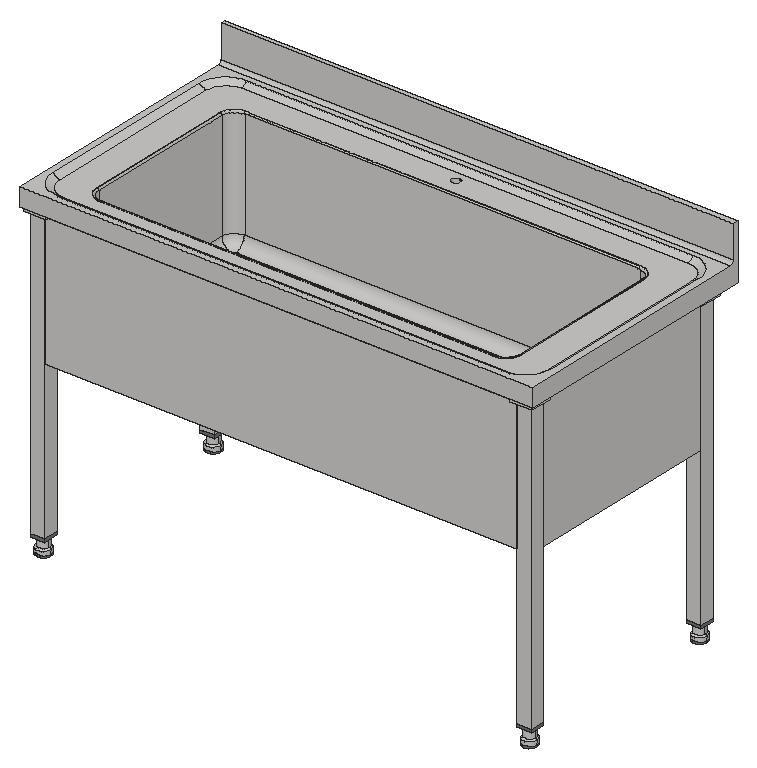
Revit family "QF_ELECTROLUXPROFESSIONAL_132815_VLP1401SPN", category Attrezzature speciali, Revit 2020
Family settings
  Quota connettore circolare = Usa diametro
  Tipo di parte = Normale
  Basato su piano di lavoro = No
  Sempre verticale = Sì
  Taglio con vuoti quando caricato = No
  Condiviso = No
  Punto di calcolo locali = No
Parameters (values of type "Standard")
  Weight = 60.00 kg
  Watts = 0 W
  Volts = 0 V
  URL Manufacturer = "https://www.electroluxprofessional.com/"
  URL = "https://www.electroluxprofessional.com/"
  Steam Supply Size = 0 mm
  Steam Supply Minimum Pressure = 0.0 Pa
  Steam Supply Maximum Pressure = 0.0 Pa
  Steam Consumption per Hour = 0
  Refrigeration Suction Line Size = 0.0 mm
  Refrigeration Liquid Line Size = 0.0 mm
  Refrigerant Compressor Remote = yes
  Prospetto di default = 0.0 mm
  Phase = 0
  Modello = "VLP1401SPN"
  Produttore = "Electrolux Professional"
  Length Actual = 1400.0 mm  # constant formula
  Item Number = "132815"
  Hot Water Size = 0 mm
  Height Actual = 1000.0 mm  # constant formula
  HP = "0 HP"
  Gas Size = 0 mm
  Gas KW = 0
  Gas Input Pressure = 0 W
  Direct Waste Size = 50.8 mm
  Descrizione = "SOAKING SINK UNIT WITH 1 BOWL (1280X510X340MM), 1400MM"
  Depth Actual = 700.0 mm  # constant formula
  Cycle = 0 Hz
  Condensate Return Size = 0 mm
  Compressed Air Volume = 0.0 L/s
  Compressed Air Size = 0 mm
  Compressed Air Pressure = 0.0 Pa
  Cold Water Size = 0 mm
  Accessory = yes
Reference planes
  plane 1 "Center (Front/Back)": y = 0
  plane 2: z = 0
  plane 3 "Center (Left/Right)": x = 100
  plane 4 "LEFT": x = -600
  plane 5 "RIGHT": x = 800
  plane 6 "BACK": y = 350
  plane 7 "FRONT": y = -350
  plane 8 "Base": z = 850
  plane 9 "TOP": z = 900
  plane 10 "Sink_Base": z = 558
  plane 11 "ScaricoX": x = 600
  plane 12: z = 441
  plane 13: y = 245
  plane 14 "PlaneGrid": z = 890
  plane 15 "ScaricoY": y = 141
Forms (mm)
  Extrusion 1, solid, material "QF_Finishes_Stainless Steel"
    sketch origin (100, 0, 0) x (0, 1, 0) y (0, 0, 1)
      loop
        line (-350, 850) -> (350, 850) -> (350, 1000) -> (337, 1000) -> (337, 910)
        arc (337, 910) -> (334.071, 902.929) -> (327, 900) r 10
        line (327, 900) -> (-350, 900) -> (-350, 850)
    from 700 to -700
  Extrusion 2, void
    sketch origin (0, 9, 558) x (0, -1, 0) y (1, 0, 0)
      loop
        circle (-132, 600) r 28
    from 32.343 to -63.145
  Revolve 3, solid, material "QF_Finishes_White"
    sketch origin (600, 9, 0) x (0, -1, 0) y (0, 0, 1)
      loop
        line (-148.5, 542.617) -> (-148.5, 528.5) -> (-147, 528.5) -> (-147, 543.449) -> (-158.558, 550.671) -> (-158.558, 558) -> (-160.058, 558) -> (-160.058, 549.84) -> (-148.5, 542.617)
      axis (-132, 558) -> (-132, 528.5)
    angle from 0 to 360
  Extrusion 4, void
    sketch origin (-6.5, 18.8, 558) x (0, -1, 0) y (1, 0, 0)
      loop
        circle (-245, 106.5) r 11.5
    from 342 to 275.381
  Extrusion 5, void
    sketch origin (-5, 0, 900) x (0, 1, 0) y (-1, 0, 0)
      loop
        arc (180.949, -685) -> (209.233, -673.284) -> (220.949, -645) r 40
        line (220.949, -645) -> (220.949, 435)
        arc (220.949, 435) -> (209.233, 463.284) -> (180.949, 475) r 40
        line (180.949, 475) -> (-239.051, 475)
        arc (-239.051, 475) -> (-267.335, 463.284) -> (-279.051, 435) r 40
        line (-279.051, 435) -> (-279.051, -645)
        arc (-279.051, -645) -> (-267.335, -673.284) -> (-239.051, -685) r 40
        line (-239.051, -685) -> (180.949, -685)
    from 0 to -50
  Extrusion 6, solid, material "QF_Finishes_Stainless Steel"
    sketch origin (-5, 0, 558) x (0, -1, 0) y (1, 0, 0)
      loop
        line (-185.949, 645) -> (-185.949, -435)
        arc (-185.949, -435) -> (-184.484, -438.536) -> (-180.949, -440) r 5
        line (-180.949, -440) -> (238.949, -440)
        arc (238.949, -440) -> (242.484, -438.536) -> (243.949, -435) r 5
        line (243.949, -435) -> (243.949, 645)
        arc (243.949, 645) -> (242.484, 648.536) -> (238.949, 650) r 5
        line (238.949, 650) -> (-180.949, 650)
        arc (-180.949, 650) -> (-184.484, 648.536) -> (-185.949, 645) r 5
    from 0 to 1.5
  Sweep 7, solid, material "QF_Finishes_Stainless Steel"
    path origin (-4.99, 0, 900) x (0, 1, 0) y (-1, 0, 0)
      loop
        line (220.949, -644.99) -> (220.949, 435.01)
        arc (220.949, 435.01) -> (209.233, 463.294) -> (180.949, 475.01) r 40
        line (180.949, 475.01) -> (-239.051, 475.01)
        arc (-239.051, 475.01) -> (-267.335, 463.294) -> (-279.051, 435.01) r 40
        line (-279.051, 435.01) -> (-279.051, -644.99)
        arc (-279.051, -644.99) -> (-267.335, -673.274) -> (-239.051, -684.99) r 40
        line (-239.051, -684.99) -> (180.949, -684.99)
        arc (180.949, -684.99) -> (209.233, -673.274) -> (220.949, -644.99) r 40
    profile origin (100, 220.949, 900) x (0, -1, 0) y (0, 0, 1)
      loop
        arc (5, -15) -> (3.536, -11.464) -> (0, -10) r 5
        line (0, -10) -> (0, -11.5)
        arc (0, -11.5) -> (2.475, -12.525) -> (3.5, -15) r 3.5
        line (3.5, -15) -> (3.5, -310.5)
        arc (3.5, -310.5) -> (12.726, -332.774) -> (35, -342) r 31.5
        line (35, -342) -> (35, -340.5)
        arc (35, -340.5) -> (13.787, -331.713) -> (5, -310.5) r 30
        line (5, -310.5) -> (5, -15)
  Blend 8, void
    base sketch origin (-4.99, 0, 900) x (0, 1, 0) y (-1, 0, 0)
      loop
        arc (312.89, 505.01) -> (291.541, 556.551) -> (240, 577.9) r 72.89
        line (240, 577.9) -> (-260, 577.9)
        arc (-260, 577.9) -> (-311.541, 556.551) -> (-332.89, 505.01) r 72.89
        line (-332.89, 505.01) -> (-332.89, -714.99)
        arc (-332.89, -714.99) -> (-311.541, -766.531) -> (-260, -787.88) r 72.89
        line (-260, -787.88) -> (240, -787.88)
        arc (240, -787.88) -> (291.541, -766.531) -> (312.89, -714.99) r 72.89
        line (312.89, -714.99) -> (312.89, 505.01)
    top sketch origin (-4.99, 0, 900) x (0, 1, 0) y (-1, 0, 0)
      loop
        arc (294.457, 505.01) -> (278.507, 543.517) -> (240, 559.467) r 54.457
        line (240, 559.467) -> (-260, 559.467)
        arc (-260, 559.467) -> (-298.507, 543.517) -> (-314.457, 505.01) r 54.457
        line (-314.457, 505.01) -> (-314.457, -714.99)
        arc (-314.457, -714.99) -> (-298.507, -753.497) -> (-260, -769.447) r 54.457
        line (-260, -769.447) -> (240, -769.447)
        arc (240, -769.447) -> (278.507, -753.497) -> (294.457, -714.99) r 54.457
        line (294.457, -714.99) -> (294.457, 505.01)
    from 0 to -10
Cuts and joins
  Extrusion 4, Extrusion 5, Blend 8 cuts Extrusion 1
  Extrusion 2 cuts Extrusion 6
Lines and regions (mm)
  symbolic lines
    curve 1: line (800, 350, 900) -> (-600, 350, 900)
    curve 2: line (-600, 350, 900) -> (-600, -350, 900)
    curve 3: line (-600, -350, 900) -> (800, -350, 900)
    curve 4: line (800, -350, 900) -> (800, 350, 900)
    curve 5: line (800, 337, 900) -> (-600, 337, 900)
    curve 6: arc (-582.89, 240, 900) -> (-561.541, 291.541, 900) -> (-510, 312.89, 900) r 72.89
    curve 7: line (-510, 312.89, 900) -> (710, 312.89, 900)
    curve 8: line (-582.89, -260, 900) -> (-582.89, 240, 900)
    curve 9: arc (-510, -332.89, 900) -> (-561.541, -311.541, 900) -> (-582.89, -260, 900) r 72.89
    curve 10: line (710, -332.89, 900) -> (-510, -332.89, 900)
    curve 11: line (-510, -314.457, 900) -> (710, -314.457, 900)
    curve 12: arc (-564.457, -260, 900) -> (-548.507, -298.507, 900) -> (-510, -314.457, 900) r 54.457
    curve 13: line (-564.457, 240, 900) -> (-564.457, -260, 900)
    curve 14: arc (-510, 294.457, 900) -> (-548.507, 278.507, 900) -> (-564.457, 240, 900) r 54.457
    curve 15: line (710, 294.457, 900) -> (-510, 294.457, 900)
    curve 16: arc (764.457, 240, 900) -> (748.507, 278.507, 900) -> (710, 294.457, 900) r 54.457
    curve 17: arc (710, 312.89, 900) -> (761.541, 291.541, 900) -> (782.89, 240, 900) r 72.89
    curve 18: line (782.89, 240, 900) -> (782.89, -260, 900)
    curve 19: line (764.457, -260, 900) -> (764.457, 240, 900)
    curve 20: arc (782.89, -260, 900) -> (761.541, -311.541, 900) -> (710, -332.89, 900) r 72.89
    curve 21: arc (710, -314.457, 900) -> (748.507, -298.507, 900) -> (764.457, -260, 900) r 54.457
    curve 22: line (-445, 180.949, 900) -> (-445, -238.949, 900)
    curve 23: line (639.939, 185.949, 900) -> (-440, 185.949, 900)
    curve 24: line (-440, -243.949, 900) -> (639.939, -243.949, 900)
    curve 25: line (644.939, -238.949, 900) -> (644.939, 180.949, 900)
    curve 26: arc (-440, 185.949, 900) -> (-443.536, 184.484, 900) -> (-445, 180.949, 900) r 5
    curve 27: arc (644.939, 180.949, 900) -> (643.474, 184.484, 900) -> (639.939, 185.949, 900) r 5
    curve 28: arc (639.939, -243.949, 900) -> (643.474, -242.484, 900) -> (644.939, -238.949, 900) r 5
    curve 29: arc (-445, -238.949, 900) -> (-443.536, -242.484, 900) -> (-440, -243.949, 900) r 5
    curve 30: circle (100, 263.8, 900) r 11.5 normal (0, 0, 1)
    curve 31: circle (600, 141, 900) r 28 normal (0, 0, 1)
    curve 32: circle (600, 141, 900) r 16.5 normal (0, 0, -1)
    curve 33: arc (-440, 220.949, 900) -> (-468.284, 209.233, 900) -> (-480, 180.949, 900) r 40
    curve 34: line (640, 220.949, 900) -> (-440, 220.949, 900)
    curve 35: line (-480, 180.949, 900) -> (-480, -239.051, 900)
    curve 36: arc (-480, -239.051, 900) -> (-468.284, -267.335, 900) -> (-440, -279.051, 900) r 40
    curve 37: line (-440, -279.051, 900) -> (640, -279.051, 900)
    curve 38: arc (640, -279.051, 900) -> (668.284, -267.335, 900) -> (680, -239.051, 900) r 40
    curve 39: line (680, -239.051, 900) -> (680, 180.949, 900)
    curve 40: arc (680, 180.949, 900) -> (668.284, 209.233, 900) -> (640, 220.949, 900) r 40
Dimensions and locks
  plane 4 "LEFT" to plane 5 "RIGHT" = 1400.0 mm
  equal spacing: plane 4 "LEFT", plane 3 "Center (Left/Right)", plane 5 "RIGHT"
  locked: plane 8 "Base" to level at 850
  locked: Extrusion 1 to level at 1000
  plane 9 "TOP" to level = 900.0 mm
  plane 6 "BACK" to plane 7 "FRONT" = 700.0 mm
  equal spacing: plane 6 "BACK", plane 1 "Center (Front/Back)", plane 7 "FRONT"
  plane 10 "Sink_Base" to level = 558.0 mm
  plane 12 to level = 441.0 mm
  locked: plane 11 "ScaricoX" to plane 5 "RIGHT" at 200
  locked: plane 6 "BACK" to plane 15 "ScaricoY" at 209
  aligned and locked: level to plane 2
  aligned and locked: Extrusion 1 to plane 4 "LEFT"
  aligned and locked: plane 5 "RIGHT" to Extrusion 1
  aligned and locked: curve 2 to plane 4 "LEFT"
Automatic sketch dimensions
  Extrusion 1 sketch curve to plane 7 "FRONT" = 0.0 mm
  Extrusion 1 sketch curve to plane 9 "TOP" = 0.0 mm
  Extrusion 1 sketch curve to plane 6 "BACK" = 0.0 mm
  Extrusion 1 sketch curve to plane 8 "Base" = 0.0 mm
  plane 9 "TOP" to Extrusion 1 sketch curve = 10.0 mm
  Extrusion 1 sketch curve to plane 6 "BACK" = 23.0 mm
  Extrusion 1 sketch curve to Extrusion 1 sketch curve = 90.0 mm
  Extrusion 2 sketch curve to plane 11 "ScaricoX" = 0.0 mm
  Extrusion 2 sketch curve to plane 15 "ScaricoY" = 0.0 mm
  plane 10 "Sink_Base" to Revolve 3 sketch curve = 0.0 mm
  Revolve 3 sketch curve to plane 15 "ScaricoY" = 0.0 mm
  plane 15 "ScaricoY" to Revolve 3 sketch curve = 15.0 mm
  Revolve 3 sketch curve to Revolve 3 sketch curve = 1.5 mm  (x2)
  plane 10 "Sink_Base" to Revolve 3 sketch curve = 7.329 mm
  Revolve 3 sketch curve to Revolve 3 sketch curve = 10.058 mm
  Revolve 3 sketch curve to Revolve 3 sketch curve = 0.831 mm  (x2)
  Revolve 3 sketch curve to Revolve 3 sketch curve = 7.222 mm
  Revolve 3 sketch curve to Revolve 3 sketch curve = 14.117 mm
  Revolve 3 sketch curve to Revolve 3 sketch curve = 24.0 mm
  Revolve 3 sketch curve to plane 10 "Sink_Base" = 26.5 mm
  Extrusion 4 sketch curve to plane 3 "Center (Left/Right)" = 0.0 mm
  plane 13 to Extrusion 4 sketch curve = 18.8 mm
  Sweep 7 sketch curve to Sweep 7 sketch curve = 0.0 mm  (x4)
  Sweep 7 sketch curve to profile plane = 0.0 mm
  Sweep 7 sketch curve to profile plane = 3.5 mm
  Sweep 7 sketch curve to Sweep 7 sketch curve = 1.5 mm
  Sweep 7 sketch curve to Sweep 7 sketch curve = 30.0 mm
  Sweep 7 sketch curve to profile plane = 342.0 mm
  Sweep 7 sketch curve to profile plane = 15.0 mm
  plane 15 "ScaricoY" to Extrusion 6 sketch curve = 44.949 mm
  Extrusion 6 sketch curve to Extrusion 6 sketch curve = 5.0 mm  (x4)
  plane 7 "FRONT" to Extrusion 6 sketch curve = 111.051 mm
  plane 4 "LEFT" to Extrusion 6 sketch curve = 155.0 mm
  Extrusion 6 sketch curve to plane 5 "RIGHT" = 160.0 mm
  Blend 8 sketch curve to plane 13 = 5.0 mm  (x4)
  Blend 8 sketch curve to plane 6 "BACK" = 37.11 mm
  plane 4 "LEFT" to Blend 8 sketch curve = 90.0 mm  (x2)
  plane 7 "FRONT" to Blend 8 sketch curve = 90.0 mm  (x2)
  Blend 8 sketch curve to Blend 8 sketch curve = 72.89 mm  (x2)
  Blend 8 sketch curve to plane 5 "RIGHT" = 90.0 mm  (x2)
  plane 13 to Blend 8 sketch curve = 49.457 mm
  Blend 8 sketch curve to Blend 8 sketch curve = 54.457 mm  (x2)
  curve 6 to curve 14 = 0.0 mm  (x2)
  curve 9 to curve 12 = 0.0 mm  (x2)
  curve 16 to curve 17 = 0.0 mm  (x2)
  curve 20 to curve 21 = 0.0 mm
  curve 3 to plane 5 "RIGHT" = 0.0 mm
  curve 3 to plane 7 "FRONT" = 0.0 mm
  curve 30 to plane 3 "Center (Left/Right)" = 0.0 mm
  curve 2 to plane 6 "BACK" = 0.0 mm
  plane 7 "FRONT" to curve 10 = 17.11 mm
  curve 10 to curve 11 = 18.433 mm
  plane 4 "LEFT" to curve 13 = 35.543 mm
  curve 12 to curve 13 = 54.457 mm
  curve 18 to plane 5 "RIGHT" = 17.11 mm
  curve 24 to curve 22 = 5.0 mm
  curve 27 to curve 23 = 5.0 mm
  curve 17 to plane 13 = 5.0 mm
  curve 14 to plane 13 = 5.0 mm
  plane 13 to curve 30 = 18.8 mm
  plane 13 to curve 15 = 49.457 mm
  curve 5 to plane 6 "BACK" = 13.0 mm
  plane 7 "FRONT" to Sweep 7 sketch curve = 110.949 mm
  Sweep 7 sketch curve to Sweep 7 sketch curve = 40.0 mm
  plane 15 "ScaricoY" to Sweep 7 sketch curve = 39.949 mm  (x2)
  Sweep 7 sketch curve to plane 13 = 24.051 mm
  Sweep 7 sketch curve to plane 11 "ScaricoX" = 40.0 mm  (x2)
  plane 4 "LEFT" to Sweep 7 sketch curve = 160.0 mm
  plane 7 "FRONT" to Extrusion 5 sketch curve = 70.949 mm
  Extrusion 5 sketch curve to Extrusion 5 sketch curve = 40.0 mm  (x2)
  plane 15 "ScaricoY" to Extrusion 5 sketch curve = 39.949 mm  (x2)
  Extrusion 5 sketch curve to plane 13 = 24.051 mm
  Extrusion 5 sketch curve to plane 11 "ScaricoX" = 40.0 mm
  plane 4 "LEFT" to Extrusion 5 sketch curve = 160.0 mm
  curve 31 to curve 32 = 0.0 mm  (x2)
  curve 32 to plane 11 "ScaricoX" = 0.0 mm
  curve 32 to plane 15 "ScaricoY" = 0.0 mm
  curve 26 to curve 26 = 5.0 mm
  curve 24 to curve 25 = 5.0 mm
  plane 15 "ScaricoY" to curve 27 = 39.949 mm
  curve 25 to plane 11 "ScaricoX" = 44.939 mm
  curve 20 to curve 24 = 16.051 mm
  curve 26 to curve 6 = 70.0 mm
  curve 33 to curve 26 = 0.0 mm
  curve 34 to plane 13 = 24.051 mm
  curve 34 to curve 23 = 0.0 mm
  curve 34 to curve 23 = 0.061 mm
  curve 9 to curve 35 = 20.949 mm
  curve 36 to curve 29 = 0.0 mm
  curve 37 to curve 28 = 0.061 mm
  curve 38 to curve 28 = 0.102 mm
  curve 25 to curve 39 = 0.0 mm
  radius of Extrusion 2 sketch curve = 28.0 mm
  radius of Extrusion 4 sketch curve = 11.5 mm
  radius of curve 30 = 11.5 mm
  radius of curve 31 = 28.0 mm
  radius of curve 32 = 16.5 mm
Nested families
  nested 1: "TAV_W1400_CASSH" at (-50, 0, 0), type "TAV_W1400_CASSH"
Connectors
  piping at (600, 141, 528.5), diameter 30
    settings: on Revolve 3, index 1, connector inside diameter 609.6 mm, connector length 0.0 mm, flow factor 0, pipe flow 0.0 L/s, pressure drop 0.0 Pa, fitting loss kfactor 0, connector angle 0.00°, fixture units 0, engagement length 0.0 mm, angle of deflection 0.00°, flow configuration 1, flow direction 2, fitting loss method 0, system type 16, joint type 0, gender type 0, connector reference index -1, connector utility 0, adjustable connector no, is connector primary yes, connector description "Drain 2"
Definition of nested family "TAV_W1400_CASSH"
  Parameters
    Default Elevation = 0.0 mm
    Model = "TAV_W1400_CASSH"
    Manufacturer = "Electrolux Professional"
    Description = ""
  Reference planes
    plane 1 "Center (Front/Back)": y = 0
    plane 2: z = 0
    plane 3 "Center (Left/Right)": x = 150
    plane 4 "LEFT": x = -550
    plane 5 "RIGHT": x = 850
    plane 6 "BACK": y = 350
    plane 7 "FRONT": y = -350
    plane 8 "Base": z = 850
    plane 9 "TOP": z = 900
    plane 10: x = -514.5
    plane 11: x = 814.5
    plane 12: y = 265.5
    plane 13: y = -314.5
    plane 14: x = -494.5
    plane 15: x = 794.5
    plane 16 "RIPIANO": z = 200
  Forms (mm)
    Extrusion 1, solid
      sketch origin (0, 0.5, 850) x (0, 1, 0) y (-1, 0, 0)
        loop
          line (245, 534.5) -> (-295, 534.5) -> (-295, 533) -> (245, 533) -> (245, 534.5)
        loop
          line (-295, -834.5) -> (285, -834.5) -> (285, -833) -> (-295, -833) -> (-295, -834.5)
        loop
          line (-335, 494.5) -> (-335, -794.5) -> (-333.5, -794.5) -> (-333.5, 494.5) -> (-335, 494.5)
      from -10 to -370
    Extrusion 2, solid
      sketch origin (-4.534, 0, 850) x (0, 1, 0) y (-1, 0, 0)
        loop
          line (235.5, 529.966) -> (-284.5, 529.966) -> (-284.5, 489.966) -> (235.5, 489.966) -> (235.5, 529.966)
        loop
          line (-334.506, 479.966) -> (-334.506, -789.034) -> (-294.506, -789.034) -> (-294.506, 479.966) -> (-334.506, 479.966)
        loop
          line (-284.5, -839.034) -> (235.5, -839.034) -> (235.5, -799.034) -> (-284.5, -799.034) -> (-284.5, -839.034)
        loop
          line (285.5, 479.966) -> (245.5, 479.966) -> (245.5, -789.034) -> (285.5, -789.034) -> (285.5, 479.966)
      from 0 to -10
  Lines and regions (mm)
    symbolic lines, detail levels coarse
      curve 1: line (-550, 350, 200) -> (850, 350, 200)
      curve 2: line (-550, -350, 200) -> (-550, 350, 200)
      curve 3: line (850, -350, 200) -> (-550, -350, 200)
      curve 4: line (850, 350, 200) -> (850, -350, 200)
  Dimensions and locks
    plane 4 "LEFT" to plane 5 "RIGHT" = 1400.0 mm
    equal spacing: plane 4 "LEFT", plane 3 "Center (Left/Right)", plane 5 "RIGHT"
    locked: plane 8 "Base" to level at 850
    plane 4 "LEFT" to plane 10 = 35.5 mm
    plane 11 to plane 5 "RIGHT" = 35.5 mm
    plane 10 to plane 11 = 1329.0 mm
    plane 9 "TOP" to level = 900.0 mm
    plane 6 "BACK" to plane 12 = 84.5 mm
    plane 13 to plane 7 "FRONT" = 35.5 mm
    plane 6 "BACK" to plane 7 "FRONT" = 700.0 mm
    plane 12 to plane 13 = 580.0 mm
    equal spacing: plane 6 "BACK", plane 1 "Center (Front/Back)", plane 7 "FRONT"
    locked: plane 14 to plane 4 "LEFT" at 55.5
    locked: plane 5 "RIGHT" to plane 15 at 55.5
    plane 16 "RIPIANO" to level = 200.0 mm
    plane 2 to plane 16 "RIPIANO" to plane 8 "Base" = 200.0 mm, 650.0 mm
    aligned and locked: level to plane 2
    aligned and locked: plane 10 to nested 1
    aligned and locked: nested 1 to plane 13
    aligned and locked: plane 11 to nested 2
    aligned and locked: nested 2 to plane 13
    aligned and locked: plane 11 to nested 4
    aligned and locked: nested 4 to plane 12
    aligned and locked: plane 10 to nested 3
    aligned and locked: nested 3 to plane 12
    aligned and locked: plane 14 to Extrusion 1 sketch curve
    aligned and locked: Extrusion 1 sketch curve to plane 15
    aligned and locked: Extrusion 1 to Extrusion 2
  Automatic sketch dimensions
    plane 7 "FRONT" to Extrusion 1 sketch curve = 15.5 mm
    plane 13 to Extrusion 1 sketch curve = 20.0 mm  (x2)
    plane 4 "LEFT" to Extrusion 1 sketch curve = 15.5 mm
    Extrusion 1 sketch curve to plane 5 "RIGHT" = 15.5 mm
    Extrusion 1 sketch curve to Extrusion 1 sketch curve = 1.5 mm  (x3)
    Extrusion 1 sketch curve to plane 6 "BACK" = 104.5 mm
    Extrusion 1 sketch curve to plane 6 "BACK" = 64.5 mm
    plane 15 to Extrusion 2 sketch curve = 10.0 mm  (x2)
    plane 7 "FRONT" to Extrusion 2 sketch curve = 15.494 mm
    plane 13 to Extrusion 2 sketch curve = 19.994 mm
    Extrusion 2 sketch curve to plane 5 "RIGHT" = 15.5 mm
    plane 13 to Extrusion 2 sketch curve = 30.0 mm  (x2)
    Extrusion 2 sketch curve to plane 14 = 0.0 mm
    Extrusion 2 sketch curve to plane 12 = 30.0 mm  (x2)
    Extrusion 2 sketch curve to plane 12 = 20.0 mm
    plane 12 to Extrusion 2 sketch curve = 20.0 mm
    Extrusion 2 sketch curve to plane 15 = 0.0 mm
    Extrusion 2 sketch curve to plane 14 = 10.0 mm  (x2)
    Extrusion 2 sketch curve to plane 10 = 20.0 mm
    curve 3 to plane 4 "LEFT" = 0.0 mm
    curve 3 to plane 7 "FRONT" = 0.0 mm
    curve 2 to plane 6 "BACK" = 0.0 mm
    curve 1 to plane 5 "RIGHT" = 0.0 mm
  Nested families
    nested 1: "FEET_40x40_TAV" at (-514.5, -314.5, 0), type "FEET_40x40_TAV"
    nested 2: "FEET_40x40_TAV" at (814.5, -314.5, 0), type "FEET_40x40_TAV"
    nested 3: "FEET_40x40_TAV" at (-514.5, 265.5, 0), type "FEET_40x40_TAV"
    nested 4: "FEET_40x40_TAV" at (814.5, 265.5, 0), type "FEET_40x40_TAV"
  Definition of nested family "FEET_40x40_TAV"
    Parameters
      Default Elevation = 0.0 mm
      FEET = 850.0 mm
    Reference planes
      plane 1 "Center (Front/Back)": y = 0
      plane 2: z = 0
      plane 3 "Center (Left/Right)": x = 0
      plane 4: z = 850
    Forms (mm)
      Extrusion 1, solid
        sketch origin (0, 0, 0) x (1, 0, 0) y (0, 1, 0)
          loop
            line (-20, -20) -> (20, -20) -> (20, 20) -> (-20, 20) -> (-20, -20)
        from 50 to 840
      Extrusion 2, solid
        sketch origin (0, 0, 0) x (1, 0, 0) y (0, 1, 0)
          loop
            circle (0, 0) r 20
        from 0 to 5
      Extrusion 3, solid
        sketch origin (0, 0, 0) x (1, 0, 0) y (0, 1, 0)
          loop
            line (30, 30) -> (-30, 30) -> (-30, -30) -> (30, -30) -> (30, 30)
        from 840 to 850
      Extrusion 4, solid
        sketch origin (0, 0, 0) x (1, 0, 0) y (0, 1, 0)
          loop
            line (-20, -20) -> (20, -20) -> (20, 20) -> (-20, 20) -> (-20, -20)
        from 50 to 42
      Revolve 5, solid
        sketch origin (0, 0, 0) x (1, 0, 0) y (0, 0, 1)
          loop
            line (0, 42) -> (-15, 42) -> (-15, 20) -> (-20, 15) -> (-20, 5) -> (0, 5) -> (0, 42)
          axis (0, 42) -> (0, 5)
        angle from 0 to 360
    Lines and regions (mm)
      symbolic lines
        curve 1: line (0, -1.503, 0) -> (0, 1.508, 0)
        curve 2: line (1.561, 0, 0) -> (-1.439, 0, 0)
    Dimensions and locks
      "FEET": plane 4 to plane 2
      aligned and locked: level to plane 2
    Automatic sketch dimensions
      plane 1 "Center (Front/Back)" to curve 2 = 0.0 mm
      curve 1 to plane 3 "Center (Left/Right)" = 0.0 mm
      curve 2 to plane 3 "Center (Left/Right)" = 1.439 mm
      plane 3 "Center (Left/Right)" to curve 2 = 1.561 mm
      plane 1 "Center (Front/Back)" to curve 1 = 1.503 mm
      curve 1 to plane 1 "Center (Front/Back)" = 1.508 mm
      Extrusion 1 sketch curve to plane 3 "Center (Left/Right)" = 20.0 mm
      plane 3 "Center (Left/Right)" to Extrusion 1 sketch curve = 20.0 mm
      plane 1 "Center (Front/Back)" to Extrusion 1 sketch curve = 20.0 mm
      Extrusion 1 sketch curve to plane 1 "Center (Front/Back)" = 20.0 mm
      plane 1 "Center (Front/Back)" to Extrusion 2 sketch curve = 0.0 mm
      Extrusion 2 sketch curve to plane 3 "Center (Left/Right)" = 0.0 mm
      Extrusion 3 sketch curve to plane 3 "Center (Left/Right)" = 30.0 mm
      plane 3 "Center (Left/Right)" to Extrusion 3 sketch curve = 30.0 mm
      plane 1 "Center (Front/Back)" to Extrusion 3 sketch curve = 30.0 mm
      Extrusion 3 sketch curve to plane 1 "Center (Front/Back)" = 30.0 mm
      Extrusion 4 sketch curve to plane 3 "Center (Left/Right)" = 20.0 mm
      plane 3 "Center (Left/Right)" to Extrusion 4 sketch curve = 20.0 mm
      plane 1 "Center (Front/Back)" to Extrusion 4 sketch curve = 20.0 mm
      Extrusion 4 sketch curve to plane 1 "Center (Front/Back)" = 20.0 mm
      Revolve 5 sketch curve to plane 3 "Center (Left/Right)" = 0.0 mm  (x2)
      Revolve 5 sketch curve to plane 3 "Center (Left/Right)" = 15.0 mm
      Revolve 5 sketch curve to Revolve 5 sketch curve = 5.0 mm  (x3)
      level to Revolve 5 sketch curve = 5.0 mm
      Revolve 5 sketch curve to Revolve 5 sketch curve = 10.0 mm
      Revolve 5 sketch curve to Revolve 5 sketch curve = 22.0 mm
      Revolve 5 sketch curve to level = 9.561 mm
      radius of Extrusion 2 sketch curve = 20.0 mm
